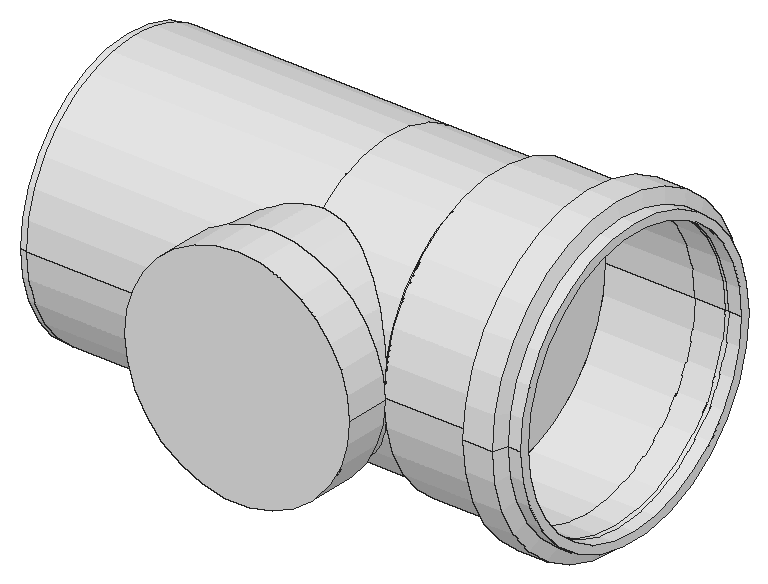
Revit family "Te_Inspecao", category Pipe Fittings, Revit 2025
Family settings
  Round Connector Dimension = Use Radius
  Part Type = Tee
  Work Plane-Based = No
  Always vertical = Yes
  Cut with Voids When Loaded = No
  Shared = No
Parameters (values of type "Standard")
  Ângulo [instance] = 90.00°
  built-in parameter 1114242 [instance] = (empty or 0)
  URL = "http://www.tigre.com.br"
  Type Comments = ""
  Tigre: Sistema = "Esgoto"  # constant formula
  Tigre: Norma = ""
  Tigre: Material = "PVC Branco"  # constant formula
  Tigre: Marcador [instance] = "00"
  Tigre: Link do Produto = "http://www.tigre.com.br/pt/produtos_unico.php?rcr_id=4&cpr_id=10&cpr_id_pai=4&lnh_id=9&prd_id=723"
  Tigre: Linha = "Série Normal"  # constant formula
  Tigre: Fabricante = "© Tigre S/A"  # constant formula
  Tigre: Descrição [instance] = if(and(Diâmetro Nominal 1 = 100.00 mm, Diâmetro Nominal 2 = 75.00 mm, Ângulo > 85.00°, Ângulo < 95.00°), "Tê de Inspeção 100x75mm, Esgoto Série Normal - TIGRE", "Produto Inexistente")  # "Tê de Inspeção 100x75mm, Esgoto Série Normal - TIGRE"
  Tigre: Código com Separador [instance] = if(and(Diâmetro Nominal 1 = 100.00 mm, Diâmetro Nominal 2 = 75.00 mm, Ângulo > 85.00°, Ângulo < 95.00°), "26.39.835.5", "produto ou Código Inexistente")  # "26.39.835.5"
  Tigre: Código [instance] = if(and(Diâmetro Nominal 1 = 100.00 mm, Diâmetro Nominal 2 = 75.00 mm, Ângulo > 85.00°, Ângulo < 95.00°), 26398355, 0)  # 26398355
  Tigre: Comentários [instance] = ""
  Representação Unifilar 2 [instance] = Diâmetro Nominal 2 * 0.2  # 15 mm
  Representação Unifilar 1 [instance] = Diâmetro Nominal 1 * 0.2  # 20 mm
  Raio Nominal 2 [instance] = 37.5 mm
  Raio Nominal 1 [instance] = 50 mm
  Raio Externo Bolsa 2 [instance] = size_lookup(Lookup Table Name, "RaioEB2", 0.408 * Diâmetro Nominal 1, Diâmetro Nominal 1, Diâmetro Nominal 2)  # 40.8 mm
  Raio Externo Bolsa 1 [instance] = size_lookup(Lookup Table Name, "RaioEB1", 0.58 * Diâmetro Nominal 1, Diâmetro Nominal 1, Diâmetro Nominal 2)  # 58 mm
  Raio Externo 3 [instance] = size_lookup(Lookup Table Name, "RaioE3", 0.42 * Diâmetro Nominal 1, Diâmetro Nominal 1, Diâmetro Nominal 2)  # 42 mm
  Raio Externo 2 [instance] = Diâmetro Externo 2 / 2  # 39.5 mm
  Raio Externo 1 [instance] = Diâmetro Externo 1 / 2  # 53 mm
  Model = ""
  Manufacturer = Tigre: Fabricante  # "© Tigre S/A"
  Luva Esquerda [instance] = and(and(not(Ligação em Conexão), Bolsa Esquerda))  # yes
  Luva Direita [instance] = and(and(not(Ligação em Conexão), Bolsa Direita))  # no
  Loss Method = Not Defined
  Lookup Table Name = "Te de Inspecao - Serie Normal - Esgoto - MEP - Tigre"
  Ligação em Conexão [instance] = no
  K Coefficient Table = "Tee"
  Inverter Sentido da Luva [instance] = no
  Default Elevation = 0.00 mm
  Cota L4 [instance] = 0.16 * Diâmetro Nominal 1  # 16 mm
  Cota L3 [instance] = 0.543 * Diâmetro Nominal 1  # 54.3 mm
  Cota L2 [instance] = Cota C + Chanfro A1  # 97.3 mm
  Cota L1 [instance] = Cota A + Chanfro A1  # 40.8 mm
  Bolsa Esquerda [instance] = or(not(Bolsa Direita))  # yes
  Bolsa Direita [instance] = or(Inverter Sentido da Luva)  # no
  Ajuste do Conector [instance] = 0.385 * Diâmetro Nominal 1  # 38.5 mm
  Acabamento [instance] = none
  Diâmetro Nominal 2 [instance] = if(Diâmetro Nominal 1 = 100.00 mm, Raio Nominal 2 * 2, Diâmetro Nominal 1 * 0.75)  # 75 mm
  Diâmetro Nominal 1 [instance] = Raio Nominal 1 * 2  # 100 mm
  Diâmetro Externo 2 [instance] = size_lookup(Lookup Table Name, "DE2", 0.79 * Diâmetro Nominal 1, Diâmetro Nominal 1, Diâmetro Nominal 2)  # 79 mm
  Diâmetro Externo 1 [instance] = size_lookup(Lookup Table Name, "DE1", 1.06 * Diâmetro Nominal 1, Diâmetro Nominal 1, Diâmetro Nominal 2)  # 106 mm
  Description = "Tê de Inspeção, Esgoto Série Normal - TIGRE"
  Cota D [instance] = size_lookup(Lookup Table Name, "CotD", 0.703 * Diâmetro Nominal 1, Diâmetro Nominal 1, Diâmetro Nominal 2)  # 70.3 mm
  Cota C [instance] = if(Inverter Sentido da Luva, size_lookup(Lookup Table Name, "CotA", 0.385 * Diâmetro Nominal 1, Diâmetro Nominal 1, Diâmetro Nominal 2), size_lookup(Lookup Table Name, "CotC", 0.95 * Diâmetro Nominal 1, Diâmetro Nominal 1, Diâmetro Nominal 2))  # 95 mm
  Cota B1 [instance] = size_lookup(Lookup Table Name, "CotB1", 0.05 * Diâmetro Nominal 1, Diâmetro Nominal 1, Diâmetro Nominal 2)  # 5 mm
  Cota B [instance] = size_lookup(Lookup Table Name, "CotB", 0.533 * Diâmetro Nominal 1, Diâmetro Nominal 1, Diâmetro Nominal 2)  # 53.3 mm
  Cota Anel [instance] = size_lookup(Lookup Table Name, "CotAnel", 0.11 * Diâmetro Nominal 1, Diâmetro Nominal 1, Diâmetro Nominal 2)  # 11 mm
  Cota A [instance] = if(not(Inverter Sentido da Luva), size_lookup(Lookup Table Name, "CotA", 0.385 * Diâmetro Nominal 1, Diâmetro Nominal 1, Diâmetro Nominal 2), size_lookup(Lookup Table Name, "CotC", 0.95 * Diâmetro Nominal 1, Diâmetro Nominal 1, Diâmetro Nominal 2))  # 38.5 mm
  Chanfro A2 [instance] = size_lookup(Lookup Table Name, "ChanA2", 0.015 * Diâmetro Nominal 1, Diâmetro Nominal 1, Diâmetro Nominal 2)  # 1.5 mm
  Chanfro A1 [instance] = size_lookup(Lookup Table Name, "ChanA1", 0.023 * Diâmetro Nominal 1, Diâmetro Nominal 1, Diâmetro Nominal 2)  # 2.3 mm
Reference planes
  plane 1 "Center (Front/Back)": y = 0
  plane 2: z = 0
  plane 3 "Center (Left/Right)": x = 0
Forms (mm)
  SweptBlend 1, solid, material "PVC", visible <- "Bolsa Direita", detail levels fine
    path in 3D
      loop
        line (-95, 0, 0) -> (-97.3, 0, 0)
    profile origin (-95, 0, 0) x (0, -1, 0) y (0, 0, 1)
      loop
        circle (0, 0) r 50
    end profile origin (-97.3, 0, 0) x (0, -1, 0) y (0, 0, 1)
      loop
        circle (0, 0) r 53
  Sweep 2, solid, material "PVC", visible <- "Bolsa Direita", detail levels fine
    path in 3D
      loop
        line (-97.3, 0, 0) -> (-130.8, 0, 0)
    profile origin (-114.05, 0, 0) x (0, -1, 0) y (0, 0, 1)
      loop
        circle (0, 0) r 53
      loop
        circle (0, 0) r 50
  Sweep 3, solid, material "PVC", visible <- "Bolsa Direita", detail levels fine
    path in 3D
      loop
        line (-130.8, 0, 0) -> (-141.8, 0, 0)
    profile origin (-136.3, 0, 0) x (0, -1, 0) y (0, 0, 1)
      loop
        circle (0, 0) r 58
      loop
        circle (0, 0) r 50
  SweptBlend 4, solid, material "PVC", visible <- "Bolsa Direita", detail levels fine
    path in 3D
      loop
        line (-141.8, 0, 0) -> (-143.3, 0, 0)
    profile origin (-141.8, 0, 0) x (0, -1, 0) y (0, 0, 1)
      loop
        circle (0, 0) r 58
    end profile origin (-143.3, 0, 0) x (0, -1, 0) y (0, 0, 1)
      loop
        circle (0, 0) r 53
  Sweep 5, solid, material "PVC", visible <- "Bolsa Direita", detail levels fine
    path in 3D
      loop
        line (-143.3, 0, 0) -> (-148.3, 0, 0)
    profile origin (-145.8, 0, 0) x (0, -1, 0) y (0, 0, 1)
      loop
        circle (0, 0) r 50
      loop
        circle (0, 0) r 53
  Sweep 6, void
    path in 3D
      loop
        line (-141.8, 0, 0) -> (-143.3, 0, 0)
    profile origin (-142.55, 0, 0) x (0, -1, 0) y (0, 0, 1)
      loop
        circle (0, 0) r 50
  SweptBlend 7, solid, material "PVC", visible <- "Bolsa Esquerda", detail levels fine
    path in 3D
      loop
        line (38.5, 0, 0) -> (40.8, 0, 0)
    profile origin (38.5, 0, 0) x (0, 1, 0) y (0, 0, 1)
      loop
        circle (0, 0) r 50
    end profile origin (40.8, 0, 0) x (0, 1, 0) y (0, 0, 1)
      loop
        circle (0, 0) r 53
  Sweep 8, solid, material "PVC", visible <- "Bolsa Esquerda", detail levels fine
    path in 3D
      loop
        line (40.8, 0, 0) -> (74.3, 0, 0)
    profile origin (57.55, 0, 0) x (0, 1, 0) y (0, 0, 1)
      loop
        circle (0, 0) r 53
      loop
        circle (0, 0) r 50
  Sweep 9, solid, material "PVC", visible <- "Bolsa Esquerda", detail levels fine
    path in 3D
      loop
        line (74.3, 0, 0) -> (85.3, 0, 0)
    profile origin (79.8, 0, 0) x (0, 1, 0) y (0, 0, 1)
      loop
        circle (0, 0) r 58
      loop
        circle (0, 0) r 50
  SweptBlend 10, solid, material "PVC", visible <- "Bolsa Esquerda", detail levels fine
    path in 3D
      loop
        line (85.3, 0, 0) -> (86.8, 0, 0)
    profile origin (85.3, 0, 0) x (0, 1, 0) y (0, 0, 1)
      loop
        circle (0, 0) r 58
    end profile origin (86.8, 0, 0) x (0, 1, 0) y (0, 0, 1)
      loop
        circle (0, 0) r 53
  Sweep 11, solid, material "PVC", visible <- "Bolsa Esquerda", detail levels fine
    path in 3D
      loop
        line (86.8, 0, 0) -> (91.8, 0, 0)
    profile origin (89.3, 0, 0) x (0, 1, 0) y (0, 0, 1)
      loop
        circle (0, 0) r 50
      loop
        circle (0, 0) r 53
  Sweep 12, void
    path in 3D
      loop
        line (85.3, 0, 0) -> (86.8, 0, 0)
    profile origin (86.05, 0, 0) x (0, 1, 0) y (0, 0, 1)
      loop
        circle (0, 0) r 50
  Sweep 13, solid, material "PVC", detail levels fine
    path in 3D
      loop
        line (0, 0, 0) -> (0, -54.3, 0)
    profile origin (0, -27.15, 0) x (1, 0, 0) y (0, 0, 1)
      loop
        circle (0, 0) r 39.5
  Sweep 14, solid, material "PVC", detail levels fine
    path in 3D
      loop
        line (0, -54.3, 0) -> (0, -70.3, 0)
    profile origin (0, -62.3, 0) x (1, 0, 0) y (0, 0, 1)
      loop
        circle (0, 0) r 42
  Sweep 15, solid, material "PVC", detail levels fine
    path in 3D
      loop
        line (40.8, 0, 0) -> (38.5, 0, 0) -> (0, 0, 0) -> (-95, 0, 0) -> (-97.3, 0, 0)
    profile origin (-47.5, 0, 0) x (0, -1, 0) y (0, 0, 1)
      loop
        circle (0, 0) r 50
Cuts and joins
  Sweep 12 cuts SweptBlend 1
  Sweep 12 cuts Sweep 2
  Sweep 6, Sweep 12 cuts Sweep 3
  Sweep 6, Sweep 12 cuts SweptBlend 4
  Sweep 6, Sweep 12 cuts Sweep 5
  joined: SweptBlend 1, Sweep 2, Sweep 3, SweptBlend 4, Sweep 5
  Sweep 12 cuts Sweep 9
  Sweep 12 cuts SweptBlend 10
  Sweep 12 cuts Sweep 11
  joined: SweptBlend 7, Sweep 8, Sweep 9, SweptBlend 10, Sweep 11
  joined: Sweep 13, Sweep 14, Sweep 15
Lines and regions (mm)
  reference lines
    curve 1: line (0, 0, 0) -> (0, -325, 0)
    curve 26: line (40.8, 0, 0) -> (40.8, -115, 0)
    curve 27: line (-97.3, 0, 0) -> (-97.3, -115, 0)
  model lines, detail levels coarse+medium
    curve 2: line (0, 0, 0) -> (-95, 0, 0)
    curve 3: line (-95, 0, 0) -> (-97.3, 0, 0)
    curve 4: line (-97.3, 0, 0) -> (-130.8, 0, 0)
    curve 5: line (-130.8, 0, 0) -> (-141.8, 0, 0)
    curve 6: line (-141.8, 0, 0) -> (-143.3, 0, 0)
    curve 7: line (-143.3, 0, 0) -> (-148.3, 0, 0)
    curve 14: line (0, 0, 0) -> (38.5, 0, 0)
    curve 15: line (38.5, 0, 0) -> (40.8, 0, 0)
    curve 16: line (40.8, 0, 0) -> (74.3, 0, 0)
    curve 17: line (74.3, 0, 0) -> (85.3, 0, 0)
    curve 18: line (85.3, 0, 0) -> (86.8, 0, 0)
    curve 19: line (86.8, 0, 0) -> (91.8, 0, 0)
    curve 28: line (0, 0, 0) -> (0, -54.3, 0)
    curve 29: line (0, -54.3, 0) -> (0, -70.3, 0)
    curve 36: line (-38.5, 20, 0) -> (-38.5, -20, 0)
    curve 37: line (38.5, 20, 0) -> (38.5, -20, 0)
    curve 38: line (0, -70.3, 0) -> (-15, -70.3, 0)
    curve 39: line (0, -70.3, 0) -> (15, -70.3, 0)
  sketch lines
    curve 8: line (-95, 0, 0) -> (-97.3, 0, 0)
    curve 9: line (-97.3, 0, 0) -> (-130.8, 0, 0)
    curve 10: line (-130.8, 0, 0) -> (-141.8, 0, 0)
    curve 11: line (-141.8, 0, 0) -> (-143.3, 0, 0)
    curve 12: line (-143.3, 0, 0) -> (-148.3, 0, 0)
    curve 13: line (-141.8, 0, 0) -> (-143.3, 0, 0)
    curve 20: line (38.5, 0, 0) -> (40.8, 0, 0)
    curve 21: line (40.8, 0, 0) -> (74.3, 0, 0)
    curve 22: line (74.3, 0, 0) -> (85.3, 0, 0)
    curve 23: line (85.3, 0, 0) -> (86.8, 0, 0)
    curve 24: line (86.8, 0, 0) -> (91.8, 0, 0)
    curve 25: line (85.3, 0, 0) -> (86.8, 0, 0)
    curve 30: line (0, 0, 0) -> (0, -54.3, 0)
    curve 31: line (0, -54.3, 0) -> (0, -70.3, 0)
    curve 32: line (0, 0, 0) -> (-95, 0, 0)
    curve 33: line (-95, 0, 0) -> (-97.3, 0, 0)
    curve 34: line (38.5, 0, 0) -> (40.8, 0, 0)
    curve 35: line (0, 0, 0) -> (38.5, 0, 0)
Dimensions and locks
  "Cota C": curve 2 to plane 3 "Center (Left/Right)"
  "Chanfro A1": curve 4 to curve 3
  "Cota Anel": curve 6 to curve 5
  "Chanfro A2": curve 6 to curve 6
  "Cota B1": curve 7 to curve 7
  "Cota B": curve 7 to curve 3
  "Cota A": curve 14 to plane 3 "Center (Left/Right)"
  "Chanfro A1": curve 16 to curve 15
  "Cota Anel": curve 18 to curve 17
  "Chanfro A2": curve 18 to curve 18
  "Cota B1": curve 19 to curve 19
  "Cota B": curve 19 to curve 15
  "Cota L1": plane 3 "Center (Left/Right)" to curve 26
  "Cota L2": curve 27 to plane 3 "Center (Left/Right)"
  "Cota L3": curve 28 to curve 29
  "Cota L4": curve 29 to curve 29
  equal spacing: curve 36, plane 1 "Center (Front/Back)", curve 36
  "Representação Unifilar 1": plane 1 "Center (Front/Back)" to curve 36
  "Ajuste do Conector": curve 36 to plane 3 "Center (Left/Right)"
  "Ajuste do Conector": plane 3 "Center (Left/Right)" to curve 37
  equal spacing: curve 38, curve 28, curve 39
  "Representação Unifilar 2": curve 28 to curve 39
  "Raio Nominal 1": radius of SweptBlend 1 sketch curve
  "Raio Externo 1": radius of SweptBlend 1 sketch curve
  "Raio Externo 1": radius of Sweep 2 sketch curve
  "Raio Externo Bolsa 1": radius of Sweep 3 sketch curve
  "Raio Externo Bolsa 1": radius of SweptBlend 4 sketch curve
  "Raio Externo 1": radius of SweptBlend 4 sketch curve
  "Raio Nominal 1": radius of Sweep 5 sketch curve
  "Raio Externo 1": radius of Sweep 5 sketch curve
  "Raio Nominal 1": radius of Sweep 3 sketch curve
  "Raio Nominal 1": radius of Sweep 2 sketch curve
  "Raio Nominal 1": radius of Sweep 6 sketch curve
  "Raio Nominal 1": radius of SweptBlend 7 sketch curve
  "Raio Externo 1": radius of SweptBlend 7 sketch curve
  "Raio Externo 1": radius of Sweep 8 sketch curve
  "Raio Externo Bolsa 1": radius of Sweep 9 sketch curve
  "Raio Externo Bolsa 1": radius of SweptBlend 10 sketch curve
  "Raio Externo 1": radius of SweptBlend 10 sketch curve
  "Raio Nominal 1": radius of Sweep 11 sketch curve
  "Raio Externo 1": radius of Sweep 11 sketch curve
  "Raio Nominal 1": radius of Sweep 9 sketch curve
  "Raio Nominal 1": radius of Sweep 8 sketch curve
  "Raio Nominal 1": radius of Sweep 12 sketch curve
  "Raio Externo 2": radius of Sweep 13 sketch curve
  "Raio Externo 3": radius of Sweep 14 sketch curve
  "Raio Nominal 1": radius of Sweep 15 sketch curve
  "Ângulo": angle curve 1 to plane 1 "Center (Front/Back)"
  "Ângulo": angle curve 28 to plane 1 "Center (Front/Back)"
  "Ângulo": angle curve 29 to plane 1 "Center (Front/Back)"
  locked: curve 28 to curve 38 (angle 90.00°)
  locked: curve 28 to curve 39 (angle 90.00°)
  aligned and locked: plane 3 "Center (Left/Right)" to curve 1
  aligned and locked: plane 1 "Center (Front/Back)" to curve 1
  aligned and locked: curve 2 to plane 1 "Center (Front/Back)"
  aligned and locked: plane 3 "Center (Left/Right)" to curve 2
  aligned and locked: curve 36 to curve 37  (x2)
Automatic sketch dimensions
  SweptBlend 1 sketch curve to profile plane = 0.00 mm  (x4)
  Sweep 2 sketch curve to Sweep 2 sketch curve = 0.00 mm  (x2)
  Sweep 2 sketch curve to profile plane = 0.00 mm  (x2)
  Sweep 3 sketch curve to Sweep 3 sketch curve = 0.00 mm  (x2)
  Sweep 3 sketch curve to profile plane = 0.00 mm  (x2)
  SweptBlend 4 sketch curve to profile plane = 0.00 mm  (x4)
  Sweep 5 sketch curve to Sweep 5 sketch curve = 0.00 mm  (x2)
  Sweep 5 sketch curve to profile plane = 0.00 mm  (x2)
  Sweep 6 sketch curve to profile plane = 0.00 mm  (x2)
  SweptBlend 7 sketch curve to profile plane = 0.00 mm  (x4)
  Sweep 8 sketch curve to Sweep 8 sketch curve = 0.00 mm  (x2)
  Sweep 8 sketch curve to profile plane = 0.00 mm  (x2)
  Sweep 9 sketch curve to Sweep 9 sketch curve = 0.00 mm  (x2)
  Sweep 9 sketch curve to profile plane = 0.00 mm  (x2)
  SweptBlend 10 sketch curve to profile plane = 0.00 mm  (x4)
  Sweep 11 sketch curve to Sweep 11 sketch curve = 0.00 mm  (x2)
  Sweep 11 sketch curve to profile plane = 0.00 mm  (x2)
  Sweep 12 sketch curve to profile plane = 0.00 mm  (x2)
  plane 1 "Center (Front/Back)" to curve 27 = 0.00 mm
  plane 1 "Center (Front/Back)" to curve 26 = 0.00 mm
  plane 1 "Center (Front/Back)" to curve 26 = 115.00 mm
  plane 1 "Center (Front/Back)" to curve 27 = 115.00 mm
  Sweep 13 sketch curve to profile plane = 0.00 mm  (x2)
  Sweep 14 sketch curve to profile plane = 0.00 mm  (x2)
  Sweep 15 sketch curve to profile plane = 0.00 mm  (x2)
Connectors
  piping at (-97.3, 0, 0), diameter 100, driven by "Raio Nominal 1"
    settings: on cut or joined group of Sweep 13, Sweep 14, Sweep 15, index 1, connector inside diameter 100 mm, connector length 0.00 mm, flow factor 0, pipe flow 0.0 L/s, pressure drop 0.0 Pa, fitting loss kfactor 0, connector angle 0.00°, fixture units 0, engagement length 0.00 mm, angle of deflection 0.00°, flow configuration 0, flow direction 0, fitting loss method 0, system type 28, joint type 0, gender type 0, connector reference index 2, connector utility 0, adjustable connector no, is connector primary yes, connector description ""
  piping at (40.8, 0, 0), diameter 100, driven by "Raio Nominal 1"
    settings: on cut or joined group of Sweep 13, Sweep 14, Sweep 15, index 2, connector inside diameter 100 mm, connector length 0.00 mm, flow factor 0, pipe flow 0.0 L/s, pressure drop 0.0 Pa, fitting loss kfactor 0, connector angle 0.00°, fixture units 0, engagement length 0.00 mm, angle of deflection 0.00°, flow configuration 0, flow direction 0, fitting loss method 0, system type 28, joint type 0, gender type 0, connector reference index 1, connector utility 0, adjustable connector no, is connector primary no, connector description ""
  piping at (0, -70.3, 0), diameter 75, driven by "Raio Nominal 2", driven by "Ângulo"
    settings: on cut or joined group of Sweep 13, Sweep 14, Sweep 15, index 3, connector inside diameter 75 mm, connector length 0.00 mm, flow factor 0, pipe flow 0.0 L/s, pressure drop 0.0 Pa, fitting loss kfactor 0, connector angle 90.00°, fixture units 0, engagement length 0.00 mm, angle of deflection 0.00°, flow configuration 0, flow direction 0, fitting loss method 0, system type 28, joint type 0, gender type 0, connector reference index -1, connector utility 0, adjustable connector no, is connector primary no, connector description ""
